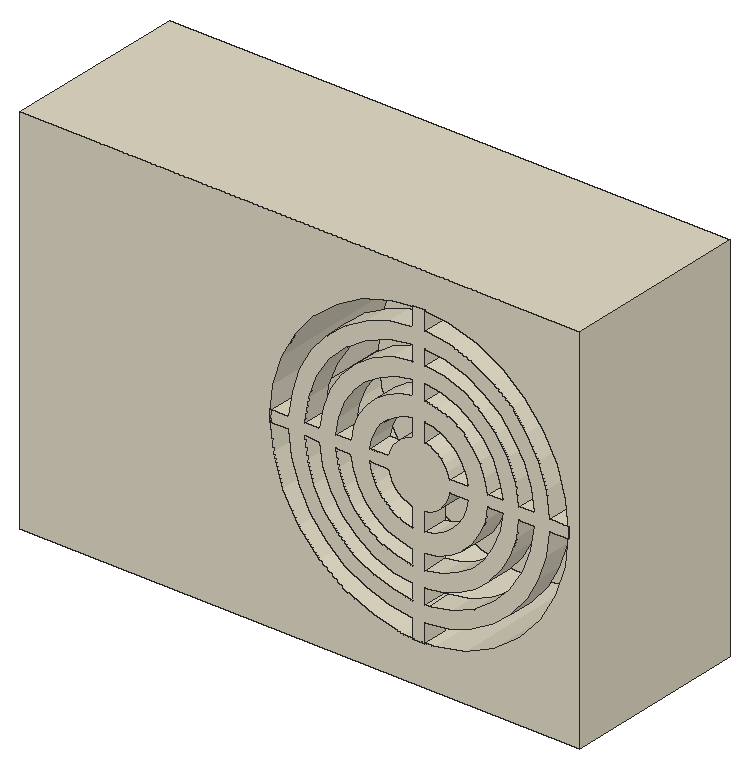
Revit family
Parameters
  실외기 = 실외기
Reference planes
  plane 1 "Center (Front/Back)": y = 0
  plane 2: z = 0
  plane 3 "Center (Left/Right)": x = 0
Forms (mm)
  Extrusion 1, solid, material "실외기" <- "실외기"
    sketch origin (0, 0, 0) x (1, 0, 0) y (0, 1, 0)
      loop
        line (-340, 0) -> (560, 0) -> (560, 300) -> (-340, 300) -> (-340, 0)
    from 0 to 600
  Extrusion 2, void
    sketch origin (0, 0, 0) x (1, 0, 0) y (0, 0, 1)
      loop
        circle (301.852, 303.072) r 240
    from -216.095 to 0
  Extrusion 3, solid, material "실외기" <- "실외기"
    sketch origin (0, 0, 0) x (1, 0, 0) y (0, 0, 1)
      loop
        line (61.852, 313.072) -> (61.852, 295) -> (92.007, 295)
        arc (92.007, 295) -> (152.679, 155.263) -> (291.852, 93.31) r 210
        line (291.852, 93.31) -> (291.852, 63.072) -> (310, 63.072) -> (310, 93.23)
        arc (310, 93.23) -> (450.371, 154.607) -> (511.696, 295) r 210
        line (511.696, 295) -> (541.852, 295) -> (541.852, 313.072) -> (511.613, 313.072)
        arc (511.613, 313.072) -> (449.687, 452.218) -> (310, 512.914) r 210
        line (310, 512.914) -> (310, 543.072) -> (291.852, 543.072) -> (291.852, 512.834)
        arc (291.852, 512.834) -> (153.359, 451.564) -> (92.09, 313.072) r 210
        line (92.09, 313.072) -> (61.852, 313.072)
      loop
        arc (316.019, 118.615) -> (434.808, 174.434) -> (486.675, 295) r 185
        line (486.675, 295) -> (461.648, 295)
        arc (461.648, 295) -> (415.016, 189.962) -> (310, 143.28) r 160
        line (310, 143.28) -> (310, 118.251)
        arc (310, 118.251) -> (313.011, 118.409) -> (316.019, 118.615) r 185
      loop
        line (142.055, 295) -> (117.028, 295)
        arc (117.028, 295) -> (170.356, 172.941) -> (291.852, 118.342) r 185
        line (291.852, 118.342) -> (291.852, 143.385)
        arc (291.852, 143.385) -> (188.034, 190.62) -> (142.055, 295) r 160
      loop
        arc (291.852, 382.444) -> (245.283, 359.64) -> (222.479, 313.072) r 80
        line (222.479, 313.072) -> (252.862, 313.072)
        arc (252.862, 313.072) -> (266.496, 338.427) -> (291.852, 352.062) r 50
        line (291.852, 352.062) -> (291.852, 382.444)
      loop
        line (117.122, 313.072) -> (142.164, 313.072)
        arc (142.164, 313.072) -> (188.715, 416.209) -> (291.852, 462.759) r 160
        line (291.852, 462.759) -> (291.852, 487.801)
        arc (291.852, 487.801) -> (171.037, 433.887) -> (117.122, 313.072) r 185
      loop
        line (310, 487.892) -> (310, 462.864)
        arc (310, 462.864) -> (414.331, 416.863) -> (461.539, 313.072) r 160
        line (461.539, 313.072) -> (486.581, 313.072)
        arc (486.581, 313.072) -> (432.009, 434.54) -> (310, 487.892) r 185
      loop
        line (310, 437.826) -> (310, 412.77)
        arc (310, 412.77) -> (378.974, 381.508) -> (411.396, 313.072) r 110
        line (411.396, 313.072) -> (436.481, 313.072)
        arc (436.481, 313.072) -> (396.653, 399.185) -> (310, 437.826) r 135
      loop
        arc (291.852, 437.701) -> (206.392, 398.531) -> (167.223, 313.072) r 135
        line (167.223, 313.072) -> (192.307, 313.072)
        arc (192.307, 313.072) -> (224.07, 380.854) -> (291.852, 412.616) r 110
        line (291.852, 412.616) -> (291.852, 437.701)
      loop
        arc (167.093, 295) -> (205.711, 208.298) -> (291.852, 168.443) r 135
        line (291.852, 168.443) -> (291.852, 193.527)
        arc (291.852, 193.527) -> (223.389, 225.977) -> (192.148, 295) r 110
        line (192.148, 295) -> (167.093, 295)
      loop
        arc (411.555, 295) -> (379.661, 225.317) -> (310, 193.374) r 110
        line (310, 193.374) -> (310, 168.318)
        arc (310, 168.318) -> (397.338, 207.64) -> (436.61, 295) r 135
        line (436.61, 295) -> (411.555, 295)
      loop
        line (310, 382.656) -> (310, 352.403)
        arc (310, 352.403) -> (336.535, 339.087) -> (350.841, 313.072) r 50
        line (350.841, 313.072) -> (381.224, 313.072)
        arc (381.224, 313.072) -> (357.757, 360.296) -> (310, 382.656) r 80
      loop
        arc (310, 223.488) -> (358.447, 246.531) -> (381.443, 295) r 80
        line (381.443, 295) -> (351.196, 295)
        arc (351.196, 295) -> (337.234, 267.744) -> (310, 253.74) r 50
        line (310, 253.74) -> (310, 223.488)
      loop
        arc (222.26, 295) -> (244.601, 247.194) -> (291.852, 223.699) r 80
        line (291.852, 223.699) -> (291.852, 254.082)
        arc (291.852, 254.082) -> (265.81, 268.416) -> (252.508, 295) r 50
        line (252.508, 295) -> (222.26, 295)
    from -39.961 to 0
Cuts and joins
  Extrusion 2 cuts Extrusion 1
Dimensions and locks
  aligned and locked: plane 1 "Center (Front/Back)" to Extrusion 2
